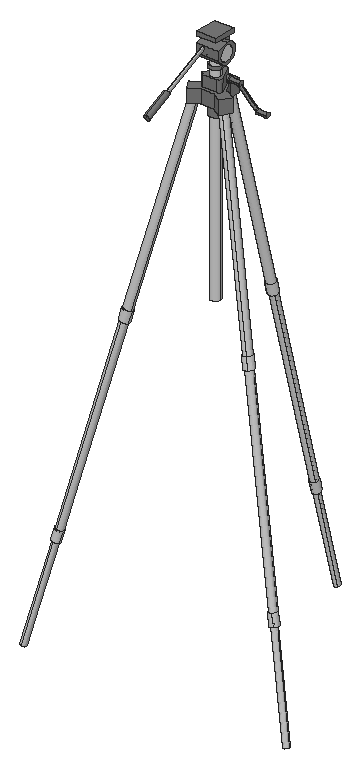
Revit family
Reference planes (in)
  plane 1 "Center (Front/Back)": y = 0
  plane 2: z = 0
  plane 3 "Center (Left/Right)": x = 0
  plane 4: y = 0.75
Forms (in)
  Extrusion 1, solid, material "Metal - Aluminum - Black"
    sketch origin (0, 0, 45.45406) x (1, 0, 0) y (0, 1, 0)
      loop
        circle (0, 0) r 0.5625
    from 0 to -1
  Extrusion 2, solid, material "Metal - Aluminum - Black"
    sketch origin (0, 0, 45.45406) x (1, 0, 0) y (0, 1, 0)
      loop
        line (-0.61603, -0.93301) -> (0.61603, -0.93301) -> (1.48205, -1.43301) -> (1.98205, -0.56699) -> (1.11603, -0.06699) -> (0.5, 1) -> (0.5, 2) -> (-0.5, 2) -> (-0.5, 1) -> (-1.11603, -0.06699) -> (-1.98205, -0.56699) -> (-1.48205, -1.43301) -> (-0.61603, -0.93301)
    from 0 to 1.25
  Extrusion 3, void
    sketch origin (0, 0, 45.45406) x (1, 0, 0) y (0, 1, 0)
      loop
        line (-0.375, 2) -> (-0.375, 1) -> (0.375, 1) -> (0.375, 2) -> (-0.375, 2)
    from 0 to 1.125
  Extrusion 4, void
    sketch origin (2.59808, -1.5, 45.45406) x (0.5, 0.866025, 0) y (-0.866025, 0.5, 0)
      loop
        line (-0.375, 2) -> (-0.375, 1) -> (0.375, 1) -> (0.375, 2) -> (-0.375, 2)
    from 0 to 1.125
  Extrusion 5, void
    sketch origin (-2.59808, -1.5, 45.45406) x (0.5, -0.866025, 0) y (0.866025, 0.5, 0)
      loop
        line (-0.375, 2) -> (-0.375, 1) -> (0.375, 1) -> (0.375, 2) -> (-0.375, 2)
    from 0 to 1.125
  Extrusion 6, solid, material "Metal - Aluminum - Black"
    sketch origin (0, 0, 46.70406) x (1, 0, 0) y (0, 1, 0)
      loop
        arc (0.22611, 1.10665) -> (0.00007, 1.25) -> (-0.22605, 1.10678) r 0.25
        line (-0.22605, 1.10678) -> (-0.87557, -0.26822)
        arc (-0.87557, -0.26822) -> (-0.8607, -0.5088) -> (-0.64952, -0.625) r 0.25
        line (-0.64952, -0.625) -> (0.64952, -0.625)
        arc (0.64952, -0.625) -> (0.8607, -0.5088) -> (0.87557, -0.26822) r 0.25
        line (0.87557, -0.26822) -> (0.22611, 1.10665)
    from 0 to 1
  Extrusion 7, solid, material "Metal - Aluminum - Black"
    sketch origin (0, 0, 45.45406) x (0, 1, 0) y (0, 0, 1)
      loop
        circle (0.75, 1.75) r 0.25
    from 0 to 0.75
  Extrusion 8, solid, material "Metal - Aluminum - Black"
    sketch origin (0.75, 0, 45.45406) x (0, 1, 0) y (0, 0, 1)
      loop
        circle (0.75, 1.75) r 0.1875
    from 0 to 1
  Sweep 9, solid, material "Metal - Aluminum - Black"
    path origin (0, 0.75, 45.45406) x (-1, 0, 0) y (0, 0, 1)
      loop
        line (-1.5, 1.75) -> (-3.26777, -0.01777)
    profile origin (2.38388, 0.75, 46.32018) x (-0.707107, 0, -0.707107) y (0, 1, 0)
      loop
        circle (0, 0) r 0.125
  Extrusion 10, solid, material "Metal - Aluminum - Black"
    sketch origin (3.17108, 0, 43.70406) x (0, 1, 0) y (0, 0, 1)
      loop
        circle (0.75, 1.75) r 0.1875
    from 0 to 1
  Extrusion 11, solid, material "Metal - Aluminum"
    sketch origin (1.29904, 0.90146, 45.27194) x (0.5, 0.836516, 0.224144) y (-0.866025, 0.482963, 0.12941)
      loop
        circle (0, 1.5) r 0.375
    from 0.75 to -18
  Extrusion 12, solid, material "Metal - Aluminum"
    sketch origin (1.29904, 5.5602, 27.88528) x (-0.5, -0.836516, -0.224144) y (-0.866025, 0.482963, 0.12941)
      loop
        circle (0, 1.5) r 0.4375
    from 0 to 1
  Extrusion 13, solid, material "Metal - Aluminum"
    sketch origin (1.29904, 5.81902, 26.91935) x (0.866025, -0.482963, -0.12941) y (-0.5, -0.836516, -0.224144)
      loop
        circle (-1.5, 0) r 0.3125
    from 0 to 18
  Extrusion 14, solid, material "Metal - Aluminum"
    sketch origin (1.29904, 10.47776, 9.53269) x (0.5, 0.836516, 0.224144) y (0.866025, -0.482963, -0.12941)
      loop
        circle (0, -1.5) r 0.375
    from 0 to 1
  Extrusion 15, solid, material "Metal - Aluminum"
    sketch origin (1.29904, 10.73658, 8.56676) x (-0.866025, 0.482963, 0.12941) y (0.5, 0.836516, 0.224144)
      loop
        circle (1.5, 0) r 0.25
    from 0 to 9
  Extrusion 16, solid, material "Metal - Aluminum"
    sketch origin (-1.4302, 0.67427, 45.27194) x (-0.974444, 0.014755, 0.224144) y (0.014755, -0.991481, 0.12941)
      loop
        circle (0, 1.5) r 0.375
    from 0.75 to -18
  Extrusion 17, solid, material "Metal - Aluminum"
    sketch origin (-5.46479, -1.6551, 27.88528) x (0.974444, -0.014755, -0.224144) y (0.014755, -0.991481, 0.12941)
      loop
        circle (0, 1.5) r 0.4375
    from 0 to 1
  Extrusion 18, solid, material "Metal - Aluminum"
    sketch origin (-5.68894, -1.78451, 26.91935) x (-0.014755, 0.991481, -0.12941) y (0.974444, -0.014755, -0.224144)
      loop
        circle (-1.5, 0) r 0.3125
    from 0 to 18
  Extrusion 19, solid, material "Metal - Aluminum"
    sketch origin (-9.72353, -4.11388, 9.53269) x (-0.974444, 0.014755, 0.224144) y (-0.014755, 0.991481, -0.12941)
      loop
        circle (0, -1.5) r 0.375
    from 0 to 1
  Extrusion 20, solid, material "Metal - Aluminum"
    sketch origin (-9.94767, -4.24329, 8.56676) x (0.014755, -0.991481, 0.12941) y (-0.974444, 0.014755, 0.224144)
      loop
        circle (1.5, 0) r 0.25
    from 0 to 9
  Extrusion 21, solid, material "Metal - Aluminum"
    sketch origin (0.13117, -1.57573, 45.27194) x (0.474444, -0.851271, 0.224144) y (0.851271, 0.508519, 0.12941)
      loop
        circle (0, 1.5) r 0.375
    from 0.75 to -18
  Extrusion 22, solid, material "Metal - Aluminum"
    sketch origin (4.16576, -3.9051, 27.88528) x (-0.474444, 0.851271, -0.224144) y (0.851271, 0.508519, 0.12941)
      loop
        circle (0, 1.5) r 0.4375
    from 0 to 1
  Extrusion 23, solid, material "Metal - Aluminum"
    sketch origin (4.3899, -4.03451, 26.91935) x (-0.851271, -0.508519, -0.12941) y (-0.474444, 0.851271, -0.224144)
      loop
        circle (-1.5, 0) r 0.3125
    from 0 to 18
  Extrusion 24, solid, material "Metal - Aluminum"
    sketch origin (8.42449, -6.36388, 9.53269) x (0.474444, -0.851271, 0.224144) y (-0.851271, -0.508519, -0.12941)
      loop
        circle (0, -1.5) r 0.375
    from 0 to 1
  Extrusion 25, solid, material "Metal - Aluminum"
    sketch origin (8.64863, -6.49329, 8.56676) x (0.851271, 0.508519, 0.12941) y (0.474444, -0.851271, 0.224144)
      loop
        circle (1.5, 0) r 0.25
    from 0 to 9
  Extrusion 26, solid, material "Metal - Aluminum"
    sketch origin (0, 0, 45.45406) x (1, 0, 0) y (0, 1, 0)
      loop
        circle (0, 0) r 0.4375
    from -16 to 4
  Extrusion 27, solid, material "Metal - Aluminum - Black"
    sketch origin (0, 0, 48.32906) x (1, 0, 0) y (0, 1, 0)
      loop
        circle (0, 0) r 0.4375
      loop
        circle (0, 0) r 0.5625
    from 0 to 0.25
  Extrusion 28, solid, material "Metal - Aluminum - Black"
    sketch origin (-1, 0, 45.45406) x (0, 1, 0) y (0, 0, 1)
      loop
        circle (0, 4.25) r 0.625
      loop
        arc (-0.87129, 3.98509) -> (-0.52101, 3.55813) -> (0, 3.375) r 1.02462
        arc (0, 3.375) -> (0.77368, 3.71356) -> (0.94398, 4.54072) r 0.9186
        arc (0.94398, 4.54072) -> (0.63672, 4.97363) -> (0.12483, 5.1143) r 0.78995
        line (0.12483, 5.1143) -> (-0.87129, 4.80981) -> (-0.87129, 3.98509)
    from 0 to 2
  Extrusion 29, solid, material "Metal - Aluminum"
    sketch origin (1, 0, 45.45406) x (0, 1, 0) y (0, 0, 1)
      loop
        circle (0, 4.25) r 0.625
    from 0 to -2
  Sweep 30, solid, material "Metal - Aluminum"
    path origin (-0.5, -0.91377, 47.44548) x (0, 0.939693, -0.34202) y (0, 0.34202, 0.939693)
      loop
        line (-0.79289, 2.45711) -> (-3.97487, -0.72487)
    profile origin (-0.5, -2.85766, 49.0747) x (0, 0.422618, -0.906308) y (1, 0, 0)
      loop
        circle (0, 0) r 0.125
  Sweep 31, solid, material "Metal - Aluminum - Black"
    path origin (-0.5, -4.99216, 45.54369) x (0, 0.939693, -0.34202) y (0, 0.34202, 0.939693)
      loop
        line (-0.79289, 2.45711) -> (-2.56066, 0.68934)
    profile origin (-0.5, -6.02974, 47.59553) x (0, 0.422618, -0.906308) y (1, 0, 0)
      loop
        circle (0, 0) r 0.25
  Extrusion 32, solid, material "Metal - Aluminum - Black"
    sketch origin (0, -0.02169, 50.95406) x (1, 0, 0) y (0, 1, 0)
      loop
        line (-0.875, 1) -> (-0.875, -1) -> (0.875, -1) -> (0.875, 1) -> (-0.875, 1)
    from 0 to 0.375
  Extrusion 33, solid, material "Metal - Aluminum - Black"
    sketch origin (0, -0.02169, 50.57906) x (1, 0, 0) y (0, 1, 0)
      loop
        line (-0.375, 1) -> (-0.375, 0.5) -> (0.375, 0.5) -> (0.375, 1) -> (-0.375, 1)
    from -0.80456 to 0.375
Cuts and joins
  Extrusion 3 cuts Extrusion 2
  joined: Extrusion 1, Extrusion 2
  Extrusion 3 cuts Extrusion 11
  Extrusion 4 cuts Extrusion 21
  Extrusion 5 cuts Extrusion 16
  joined: Extrusion 32, Extrusion 33
